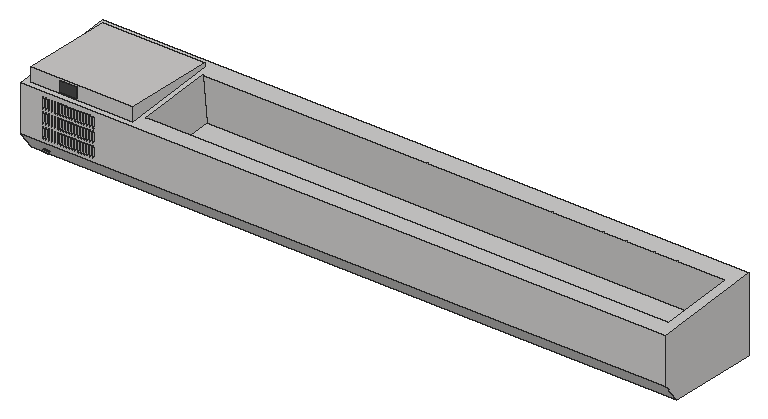
Revit family "QF_ELECTROLUXPROFESSIONAL_291213_ZVR2180H", category Specialty Equipment, Revit 2018
Family settings
  Round Connector Dimension = Use Diameter
  Part Type = Normal
  Work Plane-Based = No
  Always vertical = Yes
  Cut with Voids When Loaded = No
  Shared = No
  Room Calculation Point = No
Parameters (values of type "Standard")
  Weight = 48.00 kg
  Watts = 0 W
  Volts = 220 V
  URL Manufacturer = "http://professional.electrolux.com"
  URL = "http://professional.electrolux.com"
  Steam Supply Size = 0 mm
  Steam Supply Minimum Pressure = 0.0 Pa
  Steam Supply Maximum Pressure = 0.0 Pa
  Steam Pounds per Hour = 0
  Show Clearence [instance] = yes
  Refrigeration Suction Line Size = 0 mm
  Refrigeration Liquid Line Size = 0 mm
  Refrigerant Compressor Remote = yes
  Manufacturer = "Electrolux Professional"
  Phase = 1
  Model = "ZVR2180H"
  Length Actual = 2180 mm  # constant formula
  Item Number = "291213"
  Hot Water Size = 0 mm
  Height Actual = 250 mm  # constant formula
  HP = "0.3 HP"
  Gas Size = 0 mm
  Gas KW = 0
  Gas Input Pressure = 0 W
  Direct Waste Size = 0 mm
  Description = "BENCH TYPE REFRIGERATED SHOW CASE 2180MM R290"
  Depth Actual = 350 mm  # constant formula
  Cycle = 50 Hz
  Condensate Return Size = 0 mm
  Compressed Air Volume = 0.0 L/s
  Compressed Air Size = 0 mm
  Compressed Air Pressure = 0.0 Pa
  Cold Water Size = 0 mm
  Accessory = yes
Types (2, lengths in mm): name | URL | Manufacturer | Phase | Model | Description
  (no name) | 0 | 0 | 0 | 0 | 0
  Standard | "http://professional.electrolux.com" | "Electrolux Professional" | 1 | "ZVR2180H" | "BENCH TYPE REFRIGERATED SHOW CASE 2180MM R290"
Values of the unnamed type that differ from the named types
  Volts = 0 V
  URL Manufacturer = ""
  Item Number = ""
  Cycle = 0 Hz
Reference planes
  plane 1 "Front": y = 0
  plane 2: z = 0
  plane 3 "Centro (Sinistra/Destra)": x = 0
  plane 4 "LEFT": x = -870
  plane 5 "RIGHT": x = 870
  plane 6 "BACK": y = 350
  plane 7: z = 150
  plane 8: z = 800
  plane 9: z = 840
  plane 10: z = 1005
  plane 11 "Left": x = -890
  plane 12 "Right": x = 1290
  plane 13: y = -1005
  plane 14: z = 1266
  plane 15: z = 1255
  plane 16: y = 50
  plane 17: z = 1218
  plane 18: y = 324
  plane 19: y = 20
  plane 20: x = -527
  plane 21: x = -509
  plane 22: x = 1259
  plane 23: y = 314
  plane 24: x = -851
  plane 25: x = 1251
Forms (mm)
  Extrusion 1, solid, material "QF_Finishes_Stainless Steel"
    sketch origin (0, 0, 0) x (0, 1, 0) y (0, 0, 1)
      loop
        line (350, 1005) -> (350, 1255) -> (0, 1218) -> (0, 1064.588) -> (50, 1005) -> (350, 1005)
    from -890 to 1290
  Extrusion 2, void
    sketch origin (0, 349.805, 1254.979) x (0, 0.994459, 0.105128) y (1, 0, 0)
      loop
        line (-54.87, 1259) -> (-298.31, 1259) -> (-298.31, -509) -> (-54.87, -509) -> (-54.87, 1259)
    from 0 to 154
  Extrusion 3, solid, material "QF_Finishes_Stainless Steel"
    sketch origin (0, 0, 0) x (0, 1, 0) y (0, 0, 1)
      loop
        line (20, 1220.114) -> (324, 1252.251) -> (324, 1266) -> (20, 1266) -> (20, 1220.114)
    from -870 to -527
  Extrusion 4, solid, material "QF_Finishes_Stainless Steel"
    sketch origin (-41.117, 58.099, 995.348) x (0, -0.642788, 0.766044) y (-1, 0, 0)
      loop
        circle (32.613, 788.883) r 10
    from 0 to 5
  Extrusion 5, solid, material "QF_Finishes_Black"
    sketch origin (0, 20, 1220.114) x (0, 0, 1) y (-1, 0, 0)
      loop
        line (40.886, 769.5) -> (5.979, 769.5) -> (5.979, 714.5) -> (40.886, 714.5) -> (40.886, 769.5)
    from 0 to 2
  Extrusion 6, void
    sketch origin (0, 0, 1234.854) x (0, 0, 1) y (1, 0, 0)
      loop
        arc (-32.985, -814.899) -> (-29.86, -811.774) -> (-32.985, -808.649) r 3.125
        line (-32.985, -808.649) -> (-62.985, -808.649)
        arc (-62.985, -808.649) -> (-66.11, -811.774) -> (-62.985, -814.899) r 3.125
        line (-62.985, -814.899) -> (-32.985, -814.899)
      loop
        arc (-77.985, -814.899) -> (-74.86, -811.774) -> (-77.985, -808.649) r 3.125
        line (-77.985, -808.649) -> (-107.985, -808.649)
        arc (-107.985, -808.649) -> (-111.11, -811.774) -> (-107.985, -814.899) r 3.125
        line (-107.985, -814.899) -> (-77.985, -814.899)
      loop
        arc (-122.985, -814.899) -> (-119.86, -811.774) -> (-122.985, -808.649) r 3.125
        line (-122.985, -808.649) -> (-152.985, -808.649)
        arc (-152.985, -808.649) -> (-156.11, -811.774) -> (-152.985, -814.899) r 3.125
        line (-152.985, -814.899) -> (-122.985, -814.899)
      loop
        arc (-32.985, -804.899) -> (-29.86, -801.774) -> (-32.985, -798.649) r 3.125
        line (-32.985, -798.649) -> (-62.985, -798.649)
        arc (-62.985, -798.649) -> (-66.11, -801.774) -> (-62.985, -804.899) r 3.125
        line (-62.985, -804.899) -> (-32.985, -804.899)
      loop
        arc (-77.985, -804.899) -> (-74.86, -801.774) -> (-77.985, -798.649) r 3.125
        line (-77.985, -798.649) -> (-107.985, -798.649)
        arc (-107.985, -798.649) -> (-111.11, -801.774) -> (-107.985, -804.899) r 3.125
        line (-107.985, -804.899) -> (-77.985, -804.899)
      loop
        arc (-122.985, -804.899) -> (-119.86, -801.774) -> (-122.985, -798.649) r 3.125
        line (-122.985, -798.649) -> (-152.985, -798.649)
        arc (-152.985, -798.649) -> (-156.11, -801.774) -> (-152.985, -804.899) r 3.125
        line (-152.985, -804.899) -> (-122.985, -804.899)
      loop
        arc (-32.985, -794.899) -> (-29.86, -791.774) -> (-32.985, -788.649) r 3.125
        line (-32.985, -788.649) -> (-62.985, -788.649)
        arc (-62.985, -788.649) -> (-66.11, -791.774) -> (-62.985, -794.899) r 3.125
        line (-62.985, -794.899) -> (-32.985, -794.899)
      loop
        arc (-77.985, -794.899) -> (-74.86, -791.774) -> (-77.985, -788.649) r 3.125
        line (-77.985, -788.649) -> (-107.985, -788.649)
        arc (-107.985, -788.649) -> (-111.11, -791.774) -> (-107.985, -794.899) r 3.125
        line (-107.985, -794.899) -> (-77.985, -794.899)
      loop
        arc (-122.985, -794.899) -> (-119.86, -791.774) -> (-122.985, -788.649) r 3.125
        line (-122.985, -788.649) -> (-152.985, -788.649)
        arc (-152.985, -788.649) -> (-156.11, -791.774) -> (-152.985, -794.899) r 3.125
        line (-152.985, -794.899) -> (-122.985, -794.899)
      loop
        arc (-32.985, -784.899) -> (-29.86, -781.774) -> (-32.985, -778.649) r 3.125
        line (-32.985, -778.649) -> (-62.985, -778.649)
        arc (-62.985, -778.649) -> (-66.11, -781.774) -> (-62.985, -784.899) r 3.125
        line (-62.985, -784.899) -> (-32.985, -784.899)
      loop
        arc (-77.985, -784.899) -> (-74.86, -781.774) -> (-77.985, -778.649) r 3.125
        line (-77.985, -778.649) -> (-107.985, -778.649)
        arc (-107.985, -778.649) -> (-111.11, -781.774) -> (-107.985, -784.899) r 3.125
        line (-107.985, -784.899) -> (-77.985, -784.899)
      loop
        arc (-122.985, -784.899) -> (-119.86, -781.774) -> (-122.985, -778.649) r 3.125
        line (-122.985, -778.649) -> (-152.985, -778.649)
        arc (-152.985, -778.649) -> (-156.11, -781.774) -> (-152.985, -784.899) r 3.125
        line (-152.985, -784.899) -> (-122.985, -784.899)
      loop
        arc (-32.985, -774.899) -> (-29.86, -771.774) -> (-32.985, -768.649) r 3.125
        line (-32.985, -768.649) -> (-62.985, -768.649)
        arc (-62.985, -768.649) -> (-66.11, -771.774) -> (-62.985, -774.899) r 3.125
        line (-62.985, -774.899) -> (-32.985, -774.899)
      loop
        arc (-77.985, -774.899) -> (-74.86, -771.774) -> (-77.985, -768.649) r 3.125
        line (-77.985, -768.649) -> (-107.985, -768.649)
        arc (-107.985, -768.649) -> (-111.11, -771.774) -> (-107.985, -774.899) r 3.125
        line (-107.985, -774.899) -> (-77.985, -774.899)
      loop
        arc (-122.985, -774.899) -> (-119.86, -771.774) -> (-122.985, -768.649) r 3.125
        line (-122.985, -768.649) -> (-152.985, -768.649)
        arc (-152.985, -768.649) -> (-156.11, -771.774) -> (-152.985, -774.899) r 3.125
        line (-152.985, -774.899) -> (-122.985, -774.899)
      loop
        arc (-32.985, -764.899) -> (-29.86, -761.774) -> (-32.985, -758.649) r 3.125
        line (-32.985, -758.649) -> (-62.985, -758.649)
        arc (-62.985, -758.649) -> (-66.11, -761.774) -> (-62.985, -764.899) r 3.125
        line (-62.985, -764.899) -> (-32.985, -764.899)
      loop
        arc (-77.985, -764.899) -> (-74.86, -761.774) -> (-77.985, -758.649) r 3.125
        line (-77.985, -758.649) -> (-107.985, -758.649)
        arc (-107.985, -758.649) -> (-111.11, -761.774) -> (-107.985, -764.899) r 3.125
        line (-107.985, -764.899) -> (-77.985, -764.899)
      loop
        arc (-122.985, -764.899) -> (-119.86, -761.774) -> (-122.985, -758.649) r 3.125
        line (-122.985, -758.649) -> (-152.985, -758.649)
        arc (-152.985, -758.649) -> (-156.11, -761.774) -> (-152.985, -764.899) r 3.125
        line (-152.985, -764.899) -> (-122.985, -764.899)
      loop
        arc (-32.985, -754.899) -> (-29.86, -751.774) -> (-32.985, -748.649) r 3.125
        line (-32.985, -748.649) -> (-62.985, -748.649)
        arc (-62.985, -748.649) -> (-66.11, -751.774) -> (-62.985, -754.899) r 3.125
        line (-62.985, -754.899) -> (-32.985, -754.899)
      loop
        arc (-77.985, -754.899) -> (-74.86, -751.774) -> (-77.985, -748.649) r 3.125
        line (-77.985, -748.649) -> (-107.985, -748.649)
        arc (-107.985, -748.649) -> (-111.11, -751.774) -> (-107.985, -754.899) r 3.125
        line (-107.985, -754.899) -> (-77.985, -754.899)
      loop
        arc (-122.985, -754.899) -> (-119.86, -751.774) -> (-122.985, -748.649) r 3.125
        line (-122.985, -748.649) -> (-152.985, -748.649)
        arc (-152.985, -748.649) -> (-156.11, -751.774) -> (-152.985, -754.899) r 3.125
        line (-152.985, -754.899) -> (-122.985, -754.899)
      loop
        arc (-32.985, -744.899) -> (-29.86, -741.774) -> (-32.985, -738.649) r 3.125
        line (-32.985, -738.649) -> (-62.985, -738.649)
        arc (-62.985, -738.649) -> (-66.11, -741.774) -> (-62.985, -744.899) r 3.125
        line (-62.985, -744.899) -> (-32.985, -744.899)
      loop
        arc (-77.985, -744.899) -> (-74.86, -741.774) -> (-77.985, -738.649) r 3.125
        line (-77.985, -738.649) -> (-107.985, -738.649)
        arc (-107.985, -738.649) -> (-111.11, -741.774) -> (-107.985, -744.899) r 3.125
        line (-107.985, -744.899) -> (-77.985, -744.899)
      loop
        arc (-122.985, -744.899) -> (-119.86, -741.774) -> (-122.985, -738.649) r 3.125
        line (-122.985, -738.649) -> (-152.985, -738.649)
        arc (-152.985, -738.649) -> (-156.11, -741.774) -> (-152.985, -744.899) r 3.125
        line (-152.985, -744.899) -> (-122.985, -744.899)
      loop
        arc (-32.985, -734.899) -> (-29.86, -731.774) -> (-32.985, -728.649) r 3.125
        line (-32.985, -728.649) -> (-62.985, -728.649)
        arc (-62.985, -728.649) -> (-66.11, -731.774) -> (-62.985, -734.899) r 3.125
        line (-62.985, -734.899) -> (-32.985, -734.899)
      loop
        arc (-77.985, -734.899) -> (-74.86, -731.774) -> (-77.985, -728.649) r 3.125
        line (-77.985, -728.649) -> (-107.985, -728.649)
        arc (-107.985, -728.649) -> (-111.11, -731.774) -> (-107.985, -734.899) r 3.125
        line (-107.985, -734.899) -> (-77.985, -734.899)
      loop
        arc (-122.985, -734.899) -> (-119.86, -731.774) -> (-122.985, -728.649) r 3.125
        line (-122.985, -728.649) -> (-152.985, -728.649)
        arc (-152.985, -728.649) -> (-156.11, -731.774) -> (-152.985, -734.899) r 3.125
        line (-152.985, -734.899) -> (-122.985, -734.899)
      loop
        arc (-32.985, -724.899) -> (-29.86, -721.774) -> (-32.985, -718.649) r 3.125
        line (-32.985, -718.649) -> (-62.985, -718.649)
        arc (-62.985, -718.649) -> (-66.11, -721.774) -> (-62.985, -724.899) r 3.125
        line (-62.985, -724.899) -> (-32.985, -724.899)
      loop
        arc (-77.985, -724.899) -> (-74.86, -721.774) -> (-77.985, -718.649) r 3.125
        line (-77.985, -718.649) -> (-107.985, -718.649)
        arc (-107.985, -718.649) -> (-111.11, -721.774) -> (-107.985, -724.899) r 3.125
        line (-107.985, -724.899) -> (-77.985, -724.899)
      loop
        arc (-122.985, -724.899) -> (-119.86, -721.774) -> (-122.985, -718.649) r 3.125
        line (-122.985, -718.649) -> (-152.985, -718.649)
        arc (-152.985, -718.649) -> (-156.11, -721.774) -> (-152.985, -724.899) r 3.125
        line (-152.985, -724.899) -> (-122.985, -724.899)
      loop
        arc (-32.985, -714.899) -> (-29.86, -711.774) -> (-32.985, -708.649) r 3.125
        line (-32.985, -708.649) -> (-62.985, -708.649)
        arc (-62.985, -708.649) -> (-66.11, -711.774) -> (-62.985, -714.899) r 3.125
        line (-62.985, -714.899) -> (-32.985, -714.899)
      loop
        arc (-77.985, -714.899) -> (-74.86, -711.774) -> (-77.985, -708.649) r 3.125
        line (-77.985, -708.649) -> (-107.985, -708.649)
        arc (-107.985, -708.649) -> (-111.11, -711.774) -> (-107.985, -714.899) r 3.125
        line (-107.985, -714.899) -> (-77.985, -714.899)
      loop
        arc (-122.985, -714.899) -> (-119.86, -711.774) -> (-122.985, -708.649) r 3.125
        line (-122.985, -708.649) -> (-152.985, -708.649)
        arc (-152.985, -708.649) -> (-156.11, -711.774) -> (-152.985, -714.899) r 3.125
        line (-152.985, -714.899) -> (-122.985, -714.899)
      loop
        arc (-32.985, -704.899) -> (-29.86, -701.774) -> (-32.985, -698.649) r 3.125
        line (-32.985, -698.649) -> (-62.985, -698.649)
        arc (-62.985, -698.649) -> (-66.11, -701.774) -> (-62.985, -704.899) r 3.125
        line (-62.985, -704.899) -> (-32.985, -704.899)
      loop
        arc (-77.985, -704.899) -> (-74.86, -701.774) -> (-77.985, -698.649) r 3.125
        line (-77.985, -698.649) -> (-107.985, -698.649)
        arc (-107.985, -698.649) -> (-111.11, -701.774) -> (-107.985, -704.899) r 3.125
        line (-107.985, -704.899) -> (-77.985, -704.899)
      loop
        arc (-122.985, -704.899) -> (-119.86, -701.774) -> (-122.985, -698.649) r 3.125
        line (-122.985, -698.649) -> (-152.985, -698.649)
        arc (-152.985, -698.649) -> (-156.11, -701.774) -> (-152.985, -704.899) r 3.125
        line (-152.985, -704.899) -> (-122.985, -704.899)
      loop
        arc (-32.985, -694.899) -> (-29.86, -691.774) -> (-32.985, -688.649) r 3.125
        line (-32.985, -688.649) -> (-62.985, -688.649)
        arc (-62.985, -688.649) -> (-66.11, -691.774) -> (-62.985, -694.899) r 3.125
        line (-62.985, -694.899) -> (-32.985, -694.899)
      loop
        arc (-77.985, -694.899) -> (-74.86, -691.774) -> (-77.985, -688.649) r 3.125
        line (-77.985, -688.649) -> (-107.985, -688.649)
        arc (-107.985, -688.649) -> (-111.11, -691.774) -> (-107.985, -694.899) r 3.125
        line (-107.985, -694.899) -> (-77.985, -694.899)
      loop
        arc (-122.985, -694.899) -> (-119.86, -691.774) -> (-122.985, -688.649) r 3.125
        line (-122.985, -688.649) -> (-152.985, -688.649)
        arc (-152.985, -688.649) -> (-156.11, -691.774) -> (-152.985, -694.899) r 3.125
        line (-152.985, -694.899) -> (-122.985, -694.899)
      loop
        arc (-32.985, -684.899) -> (-29.86, -681.774) -> (-32.985, -678.649) r 3.125
        line (-32.985, -678.649) -> (-62.985, -678.649)
        arc (-62.985, -678.649) -> (-66.11, -681.774) -> (-62.985, -684.899) r 3.125
        line (-62.985, -684.899) -> (-32.985, -684.899)
      loop
        arc (-77.985, -684.899) -> (-74.86, -681.774) -> (-77.985, -678.649) r 3.125
        line (-77.985, -678.649) -> (-107.985, -678.649)
        arc (-107.985, -678.649) -> (-111.11, -681.774) -> (-107.985, -684.899) r 3.125
        line (-107.985, -684.899) -> (-77.985, -684.899)
      loop
        arc (-122.985, -684.899) -> (-119.86, -681.774) -> (-122.985, -678.649) r 3.125
        line (-122.985, -678.649) -> (-152.985, -678.649)
        arc (-152.985, -678.649) -> (-156.11, -681.774) -> (-152.985, -684.899) r 3.125
        line (-152.985, -684.899) -> (-122.985, -684.899)
      loop
        arc (-32.985, -674.899) -> (-29.86, -671.774) -> (-32.985, -668.649) r 3.125
        line (-32.985, -668.649) -> (-62.985, -668.649)
        arc (-62.985, -668.649) -> (-66.11, -671.774) -> (-62.985, -674.899) r 3.125
        line (-62.985, -674.899) -> (-32.985, -674.899)
      loop
        arc (-77.985, -674.899) -> (-74.86, -671.774) -> (-77.985, -668.649) r 3.125
        line (-77.985, -668.649) -> (-107.985, -668.649)
        arc (-107.985, -668.649) -> (-111.11, -671.774) -> (-107.985, -674.899) r 3.125
        line (-107.985, -674.899) -> (-77.985, -674.899)
      loop
        arc (-122.985, -674.899) -> (-119.86, -671.774) -> (-122.985, -668.649) r 3.125
        line (-122.985, -668.649) -> (-152.985, -668.649)
        arc (-152.985, -668.649) -> (-156.11, -671.774) -> (-152.985, -674.899) r 3.125
        line (-152.985, -674.899) -> (-122.985, -674.899)
      loop
        arc (-32.985, -664.899) -> (-29.86, -661.774) -> (-32.985, -658.649) r 3.125
        line (-32.985, -658.649) -> (-62.985, -658.649)
        arc (-62.985, -658.649) -> (-66.11, -661.774) -> (-62.985, -664.899) r 3.125
        line (-62.985, -664.899) -> (-32.985, -664.899)
      loop
        arc (-77.985, -664.899) -> (-74.86, -661.774) -> (-77.985, -658.649) r 3.125
        line (-77.985, -658.649) -> (-107.985, -658.649)
        arc (-107.985, -658.649) -> (-111.11, -661.774) -> (-107.985, -664.899) r 3.125
        line (-107.985, -664.899) -> (-77.985, -664.899)
      loop
        arc (-122.985, -664.899) -> (-119.86, -661.774) -> (-122.985, -658.649) r 3.125
        line (-122.985, -658.649) -> (-152.985, -658.649)
        arc (-152.985, -658.649) -> (-156.11, -661.774) -> (-152.985, -664.899) r 3.125
        line (-152.985, -664.899) -> (-122.985, -664.899)
      loop
        arc (-32.985, -654.899) -> (-29.86, -651.774) -> (-32.985, -648.649) r 3.125
        line (-32.985, -648.649) -> (-62.985, -648.649)
        arc (-62.985, -648.649) -> (-66.11, -651.774) -> (-62.985, -654.899) r 3.125
        line (-62.985, -654.899) -> (-32.985, -654.899)
      loop
        arc (-77.985, -654.899) -> (-74.86, -651.774) -> (-77.985, -648.649) r 3.125
        line (-77.985, -648.649) -> (-107.985, -648.649)
        arc (-107.985, -648.649) -> (-111.11, -651.774) -> (-107.985, -654.899) r 3.125
        line (-107.985, -654.899) -> (-77.985, -654.899)
      loop
        arc (-122.985, -654.899) -> (-119.86, -651.774) -> (-122.985, -648.649) r 3.125
        line (-122.985, -648.649) -> (-152.985, -648.649)
        arc (-152.985, -648.649) -> (-156.11, -651.774) -> (-152.985, -654.899) r 3.125
        line (-152.985, -654.899) -> (-122.985, -654.899)
      loop
        arc (-32.985, -644.899) -> (-29.86, -641.774) -> (-32.985, -638.649) r 3.125
        line (-32.985, -638.649) -> (-62.985, -638.649)
        arc (-62.985, -638.649) -> (-66.11, -641.774) -> (-62.985, -644.899) r 3.125
        line (-62.985, -644.899) -> (-32.985, -644.899)
      loop
        arc (-77.985, -644.899) -> (-74.86, -641.774) -> (-77.985, -638.649) r 3.125
        line (-77.985, -638.649) -> (-107.985, -638.649)
        arc (-107.985, -638.649) -> (-111.11, -641.774) -> (-107.985, -644.899) r 3.125
        line (-107.985, -644.899) -> (-77.985, -644.899)
      loop
        arc (-122.985, -644.899) -> (-119.86, -641.774) -> (-122.985, -638.649) r 3.125
        line (-122.985, -638.649) -> (-152.985, -638.649)
        arc (-152.985, -638.649) -> (-156.11, -641.774) -> (-152.985, -644.899) r 3.125
        line (-152.985, -644.899) -> (-122.985, -644.899)
    from 0 to 5
  Extrusion 7, void
    sketch origin (-890, -490.899, 1244.854) x (0, 0, 1) y (0, -1, 0)
      loop
        arc (-22.985, -814.899) -> (-19.86, -811.774) -> (-22.985, -808.649) r 3.125
        line (-22.985, -808.649) -> (-52.985, -808.649)
        arc (-52.985, -808.649) -> (-56.11, -811.774) -> (-52.985, -814.899) r 3.125
        line (-52.985, -814.899) -> (-22.985, -814.899)
      loop
        arc (-67.985, -814.899) -> (-64.86, -811.774) -> (-67.985, -808.649) r 3.125
        line (-67.985, -808.649) -> (-97.985, -808.649)
        arc (-97.985, -808.649) -> (-101.11, -811.774) -> (-97.985, -814.899) r 3.125
        line (-97.985, -814.899) -> (-67.985, -814.899)
      loop
        arc (-112.985, -814.899) -> (-109.86, -811.774) -> (-112.985, -808.649) r 3.125
        line (-112.985, -808.649) -> (-142.985, -808.649)
        arc (-142.985, -808.649) -> (-146.11, -811.774) -> (-142.985, -814.899) r 3.125
        line (-142.985, -814.899) -> (-112.985, -814.899)
      loop
        arc (-22.985, -804.899) -> (-19.86, -801.774) -> (-22.985, -798.649) r 3.125
        line (-22.985, -798.649) -> (-52.985, -798.649)
        arc (-52.985, -798.649) -> (-56.11, -801.774) -> (-52.985, -804.899) r 3.125
        line (-52.985, -804.899) -> (-22.985, -804.899)
      loop
        arc (-67.985, -804.899) -> (-64.86, -801.774) -> (-67.985, -798.649) r 3.125
        line (-67.985, -798.649) -> (-97.985, -798.649)
        arc (-97.985, -798.649) -> (-101.11, -801.774) -> (-97.985, -804.899) r 3.125
        line (-97.985, -804.899) -> (-67.985, -804.899)
      loop
        arc (-112.985, -804.899) -> (-109.86, -801.774) -> (-112.985, -798.649) r 3.125
        line (-112.985, -798.649) -> (-142.985, -798.649)
        arc (-142.985, -798.649) -> (-146.11, -801.774) -> (-142.985, -804.899) r 3.125
        line (-142.985, -804.899) -> (-112.985, -804.899)
      loop
        arc (-22.985, -794.899) -> (-19.86, -791.774) -> (-22.985, -788.649) r 3.125
        line (-22.985, -788.649) -> (-52.985, -788.649)
        arc (-52.985, -788.649) -> (-56.11, -791.774) -> (-52.985, -794.899) r 3.125
        line (-52.985, -794.899) -> (-22.985, -794.899)
      loop
        arc (-67.985, -794.899) -> (-64.86, -791.774) -> (-67.985, -788.649) r 3.125
        line (-67.985, -788.649) -> (-97.985, -788.649)
        arc (-97.985, -788.649) -> (-101.11, -791.774) -> (-97.985, -794.899) r 3.125
        line (-97.985, -794.899) -> (-67.985, -794.899)
      loop
        arc (-112.985, -794.899) -> (-109.86, -791.774) -> (-112.985, -788.649) r 3.125
        line (-112.985, -788.649) -> (-142.985, -788.649)
        arc (-142.985, -788.649) -> (-146.11, -791.774) -> (-142.985, -794.899) r 3.125
        line (-142.985, -794.899) -> (-112.985, -794.899)
      loop
        arc (-22.985, -784.899) -> (-19.86, -781.774) -> (-22.985, -778.649) r 3.125
        line (-22.985, -778.649) -> (-52.985, -778.649)
        arc (-52.985, -778.649) -> (-56.11, -781.774) -> (-52.985, -784.899) r 3.125
        line (-52.985, -784.899) -> (-22.985, -784.899)
      loop
        arc (-67.985, -784.899) -> (-64.86, -781.774) -> (-67.985, -778.649) r 3.125
        line (-67.985, -778.649) -> (-97.985, -778.649)
        arc (-97.985, -778.649) -> (-101.11, -781.774) -> (-97.985, -784.899) r 3.125
        line (-97.985, -784.899) -> (-67.985, -784.899)
      loop
        arc (-112.985, -784.899) -> (-109.86, -781.774) -> (-112.985, -778.649) r 3.125
        line (-112.985, -778.649) -> (-142.985, -778.649)
        arc (-142.985, -778.649) -> (-146.11, -781.774) -> (-142.985, -784.899) r 3.125
        line (-142.985, -784.899) -> (-112.985, -784.899)
      loop
        arc (-22.985, -774.899) -> (-19.86, -771.774) -> (-22.985, -768.649) r 3.125
        line (-22.985, -768.649) -> (-52.985, -768.649)
        arc (-52.985, -768.649) -> (-56.11, -771.774) -> (-52.985, -774.899) r 3.125
        line (-52.985, -774.899) -> (-22.985, -774.899)
      loop
        arc (-67.985, -774.899) -> (-64.86, -771.774) -> (-67.985, -768.649) r 3.125
        line (-67.985, -768.649) -> (-97.985, -768.649)
        arc (-97.985, -768.649) -> (-101.11, -771.774) -> (-97.985, -774.899) r 3.125
        line (-97.985, -774.899) -> (-67.985, -774.899)
      loop
        arc (-112.985, -774.899) -> (-109.86, -771.774) -> (-112.985, -768.649) r 3.125
        line (-112.985, -768.649) -> (-142.985, -768.649)
        arc (-142.985, -768.649) -> (-146.11, -771.774) -> (-142.985, -774.899) r 3.125
        line (-142.985, -774.899) -> (-112.985, -774.899)
      loop
        arc (-67.985, -764.899) -> (-64.86, -761.774) -> (-67.985, -758.649) r 3.125
        line (-67.985, -758.649) -> (-97.985, -758.649)
        arc (-97.985, -758.649) -> (-101.11, -761.774) -> (-97.985, -764.899) r 3.125
        line (-97.985, -764.899) -> (-67.985, -764.899)
      loop
        arc (-112.985, -764.899) -> (-109.86, -761.774) -> (-112.985, -758.649) r 3.125
        line (-112.985, -758.649) -> (-142.985, -758.649)
        arc (-142.985, -758.649) -> (-146.11, -761.774) -> (-142.985, -764.899) r 3.125
        line (-142.985, -764.899) -> (-112.985, -764.899)
      loop
        arc (-22.985, -754.899) -> (-19.86, -751.774) -> (-22.985, -748.649) r 3.125
        line (-22.985, -748.649) -> (-52.985, -748.649)
        arc (-52.985, -748.649) -> (-56.11, -751.774) -> (-52.985, -754.899) r 3.125
        line (-52.985, -754.899) -> (-22.985, -754.899)
      loop
        arc (-67.985, -754.899) -> (-64.86, -751.774) -> (-67.985, -748.649) r 3.125
        line (-67.985, -748.649) -> (-97.985, -748.649)
        arc (-97.985, -748.649) -> (-101.11, -751.774) -> (-97.985, -754.899) r 3.125
        line (-97.985, -754.899) -> (-67.985, -754.899)
      loop
        arc (-112.985, -754.899) -> (-109.86, -751.774) -> (-112.985, -748.649) r 3.125
        line (-112.985, -748.649) -> (-142.985, -748.649)
        arc (-142.985, -748.649) -> (-146.11, -751.774) -> (-142.985, -754.899) r 3.125
        line (-142.985, -754.899) -> (-112.985, -754.899)
      loop
        arc (-22.985, -744.899) -> (-19.86, -741.774) -> (-22.985, -738.649) r 3.125
        line (-22.985, -738.649) -> (-52.985, -738.649)
        arc (-52.985, -738.649) -> (-56.11, -741.774) -> (-52.985, -744.899) r 3.125
        line (-52.985, -744.899) -> (-22.985, -744.899)
      loop
        arc (-67.985, -744.899) -> (-64.86, -741.774) -> (-67.985, -738.649) r 3.125
        line (-67.985, -738.649) -> (-97.985, -738.649)
        arc (-97.985, -738.649) -> (-101.11, -741.774) -> (-97.985, -744.899) r 3.125
        line (-97.985, -744.899) -> (-67.985, -744.899)
      loop
        arc (-112.985, -744.899) -> (-109.86, -741.774) -> (-112.985, -738.649) r 3.125
        line (-112.985, -738.649) -> (-142.985, -738.649)
        arc (-142.985, -738.649) -> (-146.11, -741.774) -> (-142.985, -744.899) r 3.125
        line (-142.985, -744.899) -> (-112.985, -744.899)
      loop
        arc (-22.985, -734.899) -> (-19.86, -731.774) -> (-22.985, -728.649) r 3.125
        line (-22.985, -728.649) -> (-52.985, -728.649)
        arc (-52.985, -728.649) -> (-56.11, -731.774) -> (-52.985, -734.899) r 3.125
        line (-52.985, -734.899) -> (-22.985, -734.899)
      loop
        arc (-67.985, -734.899) -> (-64.86, -731.774) -> (-67.985, -728.649) r 3.125
        line (-67.985, -728.649) -> (-97.985, -728.649)
        arc (-97.985, -728.649) -> (-101.11, -731.774) -> (-97.985, -734.899) r 3.125
        line (-97.985, -734.899) -> (-67.985, -734.899)
      loop
        arc (-112.985, -734.899) -> (-109.86, -731.774) -> (-112.985, -728.649) r 3.125
        line (-112.985, -728.649) -> (-142.985, -728.649)
        arc (-142.985, -728.649) -> (-146.11, -731.774) -> (-142.985, -734.899) r 3.125
        line (-142.985, -734.899) -> (-112.985, -734.899)
      loop
        arc (-22.985, -724.899) -> (-19.86, -721.774) -> (-22.985, -718.649) r 3.125
        line (-22.985, -718.649) -> (-52.985, -718.649)
        arc (-52.985, -718.649) -> (-56.11, -721.774) -> (-52.985, -724.899) r 3.125
        line (-52.985, -724.899) -> (-22.985, -724.899)
      loop
        arc (-67.985, -724.899) -> (-64.86, -721.774) -> (-67.985, -718.649) r 3.125
        line (-67.985, -718.649) -> (-97.985, -718.649)
        arc (-97.985, -718.649) -> (-101.11, -721.774) -> (-97.985, -724.899) r 3.125
        line (-97.985, -724.899) -> (-67.985, -724.899)
      loop
        arc (-112.985, -724.899) -> (-109.86, -721.774) -> (-112.985, -718.649) r 3.125
        line (-112.985, -718.649) -> (-142.985, -718.649)
        arc (-142.985, -718.649) -> (-146.11, -721.774) -> (-142.985, -724.899) r 3.125
        line (-142.985, -724.899) -> (-112.985, -724.899)
      loop
        arc (-22.985, -714.899) -> (-19.86, -711.774) -> (-22.985, -708.649) r 3.125
        line (-22.985, -708.649) -> (-52.985, -708.649)
        arc (-52.985, -708.649) -> (-56.11, -711.774) -> (-52.985, -714.899) r 3.125
        line (-52.985, -714.899) -> (-22.985, -714.899)
      loop
        arc (-67.985, -714.899) -> (-64.86, -711.774) -> (-67.985, -708.649) r 3.125
        line (-67.985, -708.649) -> (-97.985, -708.649)
        arc (-97.985, -708.649) -> (-101.11, -711.774) -> (-97.985, -714.899) r 3.125
        line (-97.985, -714.899) -> (-67.985, -714.899)
      loop
        arc (-112.985, -714.899) -> (-109.86, -711.774) -> (-112.985, -708.649) r 3.125
        line (-112.985, -708.649) -> (-142.985, -708.649)
        arc (-142.985, -708.649) -> (-146.11, -711.774) -> (-142.985, -714.899) r 3.125
        line (-142.985, -714.899) -> (-112.985, -714.899)
      loop
        arc (-22.985, -704.899) -> (-19.86, -701.774) -> (-22.985, -698.649) r 3.125
        line (-22.985, -698.649) -> (-52.985, -698.649)
        arc (-52.985, -698.649) -> (-56.11, -701.774) -> (-52.985, -704.899) r 3.125
        line (-52.985, -704.899) -> (-22.985, -704.899)
      loop
        arc (-67.985, -704.899) -> (-64.86, -701.774) -> (-67.985, -698.649) r 3.125
        line (-67.985, -698.649) -> (-97.985, -698.649)
        arc (-97.985, -698.649) -> (-101.11, -701.774) -> (-97.985, -704.899) r 3.125
        line (-97.985, -704.899) -> (-67.985, -704.899)
      loop
        arc (-112.985, -704.899) -> (-109.86, -701.774) -> (-112.985, -698.649) r 3.125
        line (-112.985, -698.649) -> (-142.985, -698.649)
        arc (-142.985, -698.649) -> (-146.11, -701.774) -> (-142.985, -704.899) r 3.125
        line (-142.985, -704.899) -> (-112.985, -704.899)
      loop
        arc (-22.985, -694.899) -> (-19.86, -691.774) -> (-22.985, -688.649) r 3.125
        line (-22.985, -688.649) -> (-52.985, -688.649)
        arc (-52.985, -688.649) -> (-56.11, -691.774) -> (-52.985, -694.899) r 3.125
        line (-52.985, -694.899) -> (-22.985, -694.899)
      loop
        arc (-67.985, -694.899) -> (-64.86, -691.774) -> (-67.985, -688.649) r 3.125
        line (-67.985, -688.649) -> (-97.985, -688.649)
        arc (-97.985, -688.649) -> (-101.11, -691.774) -> (-97.985, -694.899) r 3.125
        line (-97.985, -694.899) -> (-67.985, -694.899)
      loop
        arc (-112.985, -694.899) -> (-109.86, -691.774) -> (-112.985, -688.649) r 3.125
        line (-112.985, -688.649) -> (-142.985, -688.649)
        arc (-142.985, -688.649) -> (-146.11, -691.774) -> (-142.985, -694.899) r 3.125
        line (-142.985, -694.899) -> (-112.985, -694.899)
      loop
        arc (-22.985, -684.899) -> (-19.86, -681.774) -> (-22.985, -678.649) r 3.125
        line (-22.985, -678.649) -> (-52.985, -678.649)
        arc (-52.985, -678.649) -> (-56.11, -681.774) -> (-52.985, -684.899) r 3.125
        line (-52.985, -684.899) -> (-22.985, -684.899)
      loop
        arc (-67.985, -684.899) -> (-64.86, -681.774) -> (-67.985, -678.649) r 3.125
        line (-67.985, -678.649) -> (-97.985, -678.649)
        arc (-97.985, -678.649) -> (-101.11, -681.774) -> (-97.985, -684.899) r 3.125
        line (-97.985, -684.899) -> (-67.985, -684.899)
      loop
        arc (-112.985, -684.899) -> (-109.86, -681.774) -> (-112.985, -678.649) r 3.125
        line (-112.985, -678.649) -> (-142.985, -678.649)
        arc (-142.985, -678.649) -> (-146.11, -681.774) -> (-142.985, -684.899) r 3.125
        line (-142.985, -684.899) -> (-112.985, -684.899)
      loop
        arc (-22.985, -674.899) -> (-19.86, -671.774) -> (-22.985, -668.649) r 3.125
        line (-22.985, -668.649) -> (-52.985, -668.649)
        arc (-52.985, -668.649) -> (-56.11, -671.774) -> (-52.985, -674.899) r 3.125
        line (-52.985, -674.899) -> (-22.985, -674.899)
      loop
        arc (-67.985, -674.899) -> (-64.86, -671.774) -> (-67.985, -668.649) r 3.125
        line (-67.985, -668.649) -> (-97.985, -668.649)
        arc (-97.985, -668.649) -> (-101.11, -671.774) -> (-97.985, -674.899) r 3.125
        line (-97.985, -674.899) -> (-67.985, -674.899)
      loop
        arc (-112.985, -674.899) -> (-109.86, -671.774) -> (-112.985, -668.649) r 3.125
        line (-112.985, -668.649) -> (-142.985, -668.649)
        arc (-142.985, -668.649) -> (-146.11, -671.774) -> (-142.985, -674.899) r 3.125
        line (-142.985, -674.899) -> (-112.985, -674.899)
      loop
        arc (-22.985, -664.899) -> (-19.86, -661.774) -> (-22.985, -658.649) r 3.125
        line (-22.985, -658.649) -> (-52.985, -658.649)
        arc (-52.985, -658.649) -> (-56.11, -661.774) -> (-52.985, -664.899) r 3.125
        line (-52.985, -664.899) -> (-22.985, -664.899)
      loop
        arc (-67.985, -664.899) -> (-64.86, -661.774) -> (-67.985, -658.649) r 3.125
        line (-67.985, -658.649) -> (-97.985, -658.649)
        arc (-97.985, -658.649) -> (-101.11, -661.774) -> (-97.985, -664.899) r 3.125
        line (-97.985, -664.899) -> (-67.985, -664.899)
      loop
        arc (-112.985, -664.899) -> (-109.86, -661.774) -> (-112.985, -658.649) r 3.125
        line (-112.985, -658.649) -> (-142.985, -658.649)
        arc (-142.985, -658.649) -> (-146.11, -661.774) -> (-142.985, -664.899) r 3.125
        line (-142.985, -664.899) -> (-112.985, -664.899)
      loop
        arc (-22.985, -654.899) -> (-19.86, -651.774) -> (-22.985, -648.649) r 3.125
        line (-22.985, -648.649) -> (-52.985, -648.649)
        arc (-52.985, -648.649) -> (-56.11, -651.774) -> (-52.985, -654.899) r 3.125
        line (-52.985, -654.899) -> (-22.985, -654.899)
      loop
        arc (-67.985, -654.899) -> (-64.86, -651.774) -> (-67.985, -648.649) r 3.125
        line (-67.985, -648.649) -> (-97.985, -648.649)
        arc (-97.985, -648.649) -> (-101.11, -651.774) -> (-97.985, -654.899) r 3.125
        line (-97.985, -654.899) -> (-67.985, -654.899)
      loop
        arc (-112.985, -654.899) -> (-109.86, -651.774) -> (-112.985, -648.649) r 3.125
        line (-112.985, -648.649) -> (-142.985, -648.649)
        arc (-142.985, -648.649) -> (-146.11, -651.774) -> (-142.985, -654.899) r 3.125
        line (-142.985, -654.899) -> (-112.985, -654.899)
      loop
        arc (-22.985, -644.899) -> (-19.86, -641.774) -> (-22.985, -638.649) r 3.125
        line (-22.985, -638.649) -> (-52.985, -638.649)
        arc (-52.985, -638.649) -> (-56.11, -641.774) -> (-52.985, -644.899) r 3.125
        line (-52.985, -644.899) -> (-22.985, -644.899)
      loop
        arc (-67.985, -644.899) -> (-64.86, -641.774) -> (-67.985, -638.649) r 3.125
        line (-67.985, -638.649) -> (-97.985, -638.649)
        arc (-97.985, -638.649) -> (-101.11, -641.774) -> (-97.985, -644.899) r 3.125
        line (-97.985, -644.899) -> (-67.985, -644.899)
      loop
        arc (-112.985, -644.899) -> (-109.86, -641.774) -> (-112.985, -638.649) r 3.125
        line (-112.985, -638.649) -> (-142.985, -638.649)
        arc (-142.985, -638.649) -> (-146.11, -641.774) -> (-142.985, -644.899) r 3.125
        line (-142.985, -644.899) -> (-112.985, -644.899)
      loop
        arc (-22.985, -764.899) -> (-19.86, -761.774) -> (-22.985, -758.649) r 3.125
        line (-22.985, -758.649) -> (-52.985, -758.649)
        arc (-52.985, -758.649) -> (-56.11, -761.774) -> (-52.985, -764.899) r 3.125
        line (-52.985, -764.899) -> (-22.985, -764.899)
      loop
        arc (-157.985, -814.899) -> (-154.86, -811.774) -> (-157.985, -808.649) r 3.125
        line (-157.985, -808.649) -> (-187.985, -808.649)
        arc (-187.985, -808.649) -> (-191.11, -811.774) -> (-187.985, -814.899) r 3.125
        line (-187.985, -814.899) -> (-157.985, -814.899)
      loop
        arc (-202.985, -814.899) -> (-199.86, -811.774) -> (-202.985, -808.649) r 3.125
        line (-202.985, -808.649) -> (-232.985, -808.649)
        arc (-232.985, -808.649) -> (-236.11, -811.774) -> (-232.985, -814.899) r 3.125
        line (-232.985, -814.899) -> (-202.985, -814.899)
      loop
        arc (-157.985, -804.899) -> (-154.86, -801.774) -> (-157.985, -798.649) r 3.125
        line (-157.985, -798.649) -> (-187.985, -798.649)
        arc (-187.985, -798.649) -> (-191.11, -801.774) -> (-187.985, -804.899) r 3.125
        line (-187.985, -804.899) -> (-157.985, -804.899)
      loop
        arc (-202.985, -804.899) -> (-199.86, -801.774) -> (-202.985, -798.649) r 3.125
        line (-202.985, -798.649) -> (-232.985, -798.649)
        arc (-232.985, -798.649) -> (-236.11, -801.774) -> (-232.985, -804.899) r 3.125
        line (-232.985, -804.899) -> (-202.985, -804.899)
      loop
        arc (-157.985, -794.899) -> (-154.86, -791.774) -> (-157.985, -788.649) r 3.125
        line (-157.985, -788.649) -> (-187.985, -788.649)
        arc (-187.985, -788.649) -> (-191.11, -791.774) -> (-187.985, -794.899) r 3.125
        line (-187.985, -794.899) -> (-157.985, -794.899)
      loop
        arc (-202.985, -794.899) -> (-199.86, -791.774) -> (-202.985, -788.649) r 3.125
        line (-202.985, -788.649) -> (-232.985, -788.649)
        arc (-232.985, -788.649) -> (-236.11, -791.774) -> (-232.985, -794.899) r 3.125
        line (-232.985, -794.899) -> (-202.985, -794.899)
      loop
        arc (-157.985, -784.899) -> (-154.86, -781.774) -> (-157.985, -778.649) r 3.125
        line (-157.985, -778.649) -> (-187.985, -778.649)
        arc (-187.985, -778.649) -> (-191.11, -781.774) -> (-187.985, -784.899) r 3.125
        line (-187.985, -784.899) -> (-157.985, -784.899)
      loop
        arc (-202.985, -784.899) -> (-199.86, -781.774) -> (-202.985, -778.649) r 3.125
        line (-202.985, -778.649) -> (-232.985, -778.649)
        arc (-232.985, -778.649) -> (-236.11, -781.774) -> (-232.985, -784.899) r 3.125
        line (-232.985, -784.899) -> (-202.985, -784.899)
      loop
        arc (-157.985, -774.899) -> (-154.86, -771.774) -> (-157.985, -768.649) r 3.125
        line (-157.985, -768.649) -> (-187.985, -768.649)
        arc (-187.985, -768.649) -> (-191.11, -771.774) -> (-187.985, -774.899) r 3.125
        line (-187.985, -774.899) -> (-157.985, -774.899)
      loop
        arc (-202.985, -774.899) -> (-199.86, -771.774) -> (-202.985, -768.649) r 3.125
        line (-202.985, -768.649) -> (-232.985, -768.649)
        arc (-232.985, -768.649) -> (-236.11, -771.774) -> (-232.985, -774.899) r 3.125
        line (-232.985, -774.899) -> (-202.985, -774.899)
      loop
        arc (-157.985, -764.899) -> (-154.86, -761.774) -> (-157.985, -758.649) r 3.125
        line (-157.985, -758.649) -> (-187.985, -758.649)
        arc (-187.985, -758.649) -> (-191.11, -761.774) -> (-187.985, -764.899) r 3.125
        line (-187.985, -764.899) -> (-157.985, -764.899)
      loop
        arc (-202.985, -764.899) -> (-199.86, -761.774) -> (-202.985, -758.649) r 3.125
        line (-202.985, -758.649) -> (-232.985, -758.649)
        arc (-232.985, -758.649) -> (-236.11, -761.774) -> (-232.985, -764.899) r 3.125
        line (-232.985, -764.899) -> (-202.985, -764.899)
      loop
        arc (-157.985, -754.899) -> (-154.86, -751.774) -> (-157.985, -748.649) r 3.125
        line (-157.985, -748.649) -> (-187.985, -748.649)
        arc (-187.985, -748.649) -> (-191.11, -751.774) -> (-187.985, -754.899) r 3.125
        line (-187.985, -754.899) -> (-157.985, -754.899)
      loop
        arc (-202.985, -754.899) -> (-199.86, -751.774) -> (-202.985, -748.649) r 3.125
        line (-202.985, -748.649) -> (-232.985, -748.649)
        arc (-232.985, -748.649) -> (-236.11, -751.774) -> (-232.985, -754.899) r 3.125
        line (-232.985, -754.899) -> (-202.985, -754.899)
      loop
        arc (-157.985, -744.899) -> (-154.86, -741.774) -> (-157.985, -738.649) r 3.125
        line (-157.985, -738.649) -> (-187.985, -738.649)
        arc (-187.985, -738.649) -> (-191.11, -741.774) -> (-187.985, -744.899) r 3.125
        line (-187.985, -744.899) -> (-157.985, -744.899)
      loop
        arc (-202.985, -744.899) -> (-199.86, -741.774) -> (-202.985, -738.649) r 3.125
        line (-202.985, -738.649) -> (-232.985, -738.649)
        arc (-232.985, -738.649) -> (-236.11, -741.774) -> (-232.985, -744.899) r 3.125
        line (-232.985, -744.899) -> (-202.985, -744.899)
      loop
        arc (-157.985, -734.899) -> (-154.86, -731.774) -> (-157.985, -728.649) r 3.125
        line (-157.985, -728.649) -> (-187.985, -728.649)
        arc (-187.985, -728.649) -> (-191.11, -731.774) -> (-187.985, -734.899) r 3.125
        line (-187.985, -734.899) -> (-157.985, -734.899)
      loop
        arc (-202.985, -734.899) -> (-199.86, -731.774) -> (-202.985, -728.649) r 3.125
        line (-202.985, -728.649) -> (-232.985, -728.649)
        arc (-232.985, -728.649) -> (-236.11, -731.774) -> (-232.985, -734.899) r 3.125
        line (-232.985, -734.899) -> (-202.985, -734.899)
      loop
        arc (-157.985, -724.899) -> (-154.86, -721.774) -> (-157.985, -718.649) r 3.125
        line (-157.985, -718.649) -> (-187.985, -718.649)
        arc (-187.985, -718.649) -> (-191.11, -721.774) -> (-187.985, -724.899) r 3.125
        line (-187.985, -724.899) -> (-157.985, -724.899)
      loop
        arc (-202.985, -724.899) -> (-199.86, -721.774) -> (-202.985, -718.649) r 3.125
        line (-202.985, -718.649) -> (-232.985, -718.649)
        arc (-232.985, -718.649) -> (-236.11, -721.774) -> (-232.985, -724.899) r 3.125
        line (-232.985, -724.899) -> (-202.985, -724.899)
      loop
        arc (-157.985, -714.899) -> (-154.86, -711.774) -> (-157.985, -708.649) r 3.125
        line (-157.985, -708.649) -> (-187.985, -708.649)
        arc (-187.985, -708.649) -> (-191.11, -711.774) -> (-187.985, -714.899) r 3.125
        line (-187.985, -714.899) -> (-157.985, -714.899)
      loop
        arc (-202.985, -714.899) -> (-199.86, -711.774) -> (-202.985, -708.649) r 3.125
        line (-202.985, -708.649) -> (-232.985, -708.649)
        arc (-232.985, -708.649) -> (-236.11, -711.774) -> (-232.985, -714.899) r 3.125
        line (-232.985, -714.899) -> (-202.985, -714.899)
      loop
        arc (-157.985, -704.899) -> (-154.86, -701.774) -> (-157.985, -698.649) r 3.125
        line (-157.985, -698.649) -> (-187.985, -698.649)
        arc (-187.985, -698.649) -> (-191.11, -701.774) -> (-187.985, -704.899) r 3.125
        line (-187.985, -704.899) -> (-157.985, -704.899)
      loop
        arc (-202.985, -704.899) -> (-199.86, -701.774) -> (-202.985, -698.649) r 3.125
        line (-202.985, -698.649) -> (-232.985, -698.649)
        arc (-232.985, -698.649) -> (-236.11, -701.774) -> (-232.985, -704.899) r 3.125
        line (-232.985, -704.899) -> (-202.985, -704.899)
      loop
        arc (-157.985, -694.899) -> (-154.86, -691.774) -> (-157.985, -688.649) r 3.125
        line (-157.985, -688.649) -> (-187.985, -688.649)
        arc (-187.985, -688.649) -> (-191.11, -691.774) -> (-187.985, -694.899) r 3.125
        line (-187.985, -694.899) -> (-157.985, -694.899)
      loop
        arc (-202.985, -694.899) -> (-199.86, -691.774) -> (-202.985, -688.649) r 3.125
        line (-202.985, -688.649) -> (-232.985, -688.649)
        arc (-232.985, -688.649) -> (-236.11, -691.774) -> (-232.985, -694.899) r 3.125
        line (-232.985, -694.899) -> (-202.985, -694.899)
      loop
        arc (-157.985, -684.899) -> (-154.86, -681.774) -> (-157.985, -678.649) r 3.125
        line (-157.985, -678.649) -> (-187.985, -678.649)
        arc (-187.985, -678.649) -> (-191.11, -681.774) -> (-187.985, -684.899) r 3.125
        line (-187.985, -684.899) -> (-157.985, -684.899)
      loop
        arc (-202.985, -684.899) -> (-199.86, -681.774) -> (-202.985, -678.649) r 3.125
        line (-202.985, -678.649) -> (-232.985, -678.649)
        arc (-232.985, -678.649) -> (-236.11, -681.774) -> (-232.985, -684.899) r 3.125
        line (-232.985, -684.899) -> (-202.985, -684.899)
      loop
        arc (-157.985, -674.899) -> (-154.86, -671.774) -> (-157.985, -668.649) r 3.125
        line (-157.985, -668.649) -> (-187.985, -668.649)
        arc (-187.985, -668.649) -> (-191.11, -671.774) -> (-187.985, -674.899) r 3.125
        line (-187.985, -674.899) -> (-157.985, -674.899)
      loop
        arc (-202.985, -674.899) -> (-199.86, -671.774) -> (-202.985, -668.649) r 3.125
        line (-202.985, -668.649) -> (-232.985, -668.649)
        arc (-232.985, -668.649) -> (-236.11, -671.774) -> (-232.985, -674.899) r 3.125
        line (-232.985, -674.899) -> (-202.985, -674.899)
      loop
        arc (-157.985, -664.899) -> (-154.86, -661.774) -> (-157.985, -658.649) r 3.125
        line (-157.985, -658.649) -> (-187.985, -658.649)
        arc (-187.985, -658.649) -> (-191.11, -661.774) -> (-187.985, -664.899) r 3.125
        line (-187.985, -664.899) -> (-157.985, -664.899)
      loop
        arc (-202.985, -664.899) -> (-199.86, -661.774) -> (-202.985, -658.649) r 3.125
        line (-202.985, -658.649) -> (-232.985, -658.649)
        arc (-232.985, -658.649) -> (-236.11, -661.774) -> (-232.985, -664.899) r 3.125
        line (-232.985, -664.899) -> (-202.985, -664.899)
      loop
        arc (-157.985, -654.899) -> (-154.86, -651.774) -> (-157.985, -648.649) r 3.125
        line (-157.985, -648.649) -> (-187.985, -648.649)
        arc (-187.985, -648.649) -> (-191.11, -651.774) -> (-187.985, -654.899) r 3.125
        line (-187.985, -654.899) -> (-157.985, -654.899)
      loop
        arc (-202.985, -654.899) -> (-199.86, -651.774) -> (-202.985, -648.649) r 3.125
        line (-202.985, -648.649) -> (-232.985, -648.649)
        arc (-232.985, -648.649) -> (-236.11, -651.774) -> (-232.985, -654.899) r 3.125
        line (-232.985, -654.899) -> (-202.985, -654.899)
      loop
        arc (-157.985, -644.899) -> (-154.86, -641.774) -> (-157.985, -638.649) r 3.125
        line (-157.985, -638.649) -> (-187.985, -638.649)
        arc (-187.985, -638.649) -> (-191.11, -641.774) -> (-187.985, -644.899) r 3.125
        line (-187.985, -644.899) -> (-157.985, -644.899)
      loop
        arc (-202.985, -644.899) -> (-199.86, -641.774) -> (-202.985, -638.649) r 3.125
        line (-202.985, -638.649) -> (-232.985, -638.649)
        arc (-232.985, -638.649) -> (-236.11, -641.774) -> (-232.985, -644.899) r 3.125
        line (-232.985, -644.899) -> (-202.985, -644.899)
    from 0 to 5
  Extrusion 8, solid, material "QF_Finishes_Stainless Steel"
    sketch origin (0, 0, 840) x (1, 0, 0) y (0, 1, 0)
      loop
        circle (-851, 314) r 4
    from 160.39 to 165
  Extrusion 9, solid, material "QF_Finishes_Stainless Steel"
    sketch origin (0, 0, 840) x (1, 0, 0) y (0, 1, 0)
      loop
        circle (1251, 314) r 4
    from 160.39 to 165
Cuts and joins
  Extrusion 2, Extrusion 6, Extrusion 7 cuts Extrusion 1
Lines and regions (mm)
  symbolic lines
    curve 1: line (-890, 350, 840) -> (1290, 350, 840)
    curve 2: line (-890, 0, 840) -> (-890, 350, 840)
    curve 3: line (1290, 0, 840) -> (-890, 0, 840)
    curve 4: line (1290, 350, 840) -> (1290, 0, 840)
    curve 5: line (-527, 324, 840) -> (-870, 324, 840)
    curve 6: line (-527, 20, 840) -> (-527, 324, 840)
    curve 7: line (-870, 20, 840) -> (-527, 20, 840)
    curve 8: line (-870, 324, 840) -> (-870, 20, 840)
    curve 9: line (-509, 295.239, 840) -> (-509, 53.148, 840)
    curve 10: line (-509, 295.239, 840) -> (1259, 295.239, 840)
    curve 11: line (1259, 53.148, 840) -> (-509, 53.148, 840)
    curve 12: line (1259, 53.148, 840) -> (1259, 295.239, 840)
Dimensions and locks
  equal spacing: plane 4 "LEFT", plane 3 "Centro (Sinistra/Destra)", plane 5 "RIGHT"
  plane 4 "LEFT" to plane 5 "RIGHT" = 1740 mm
  plane 6 "BACK" to plane 1 "Front" = 350 mm  (x2)
  plane 7 to plane 2 = 150 mm
  plane 9 to plane 2 = 840 mm
  plane 8 to plane 2 = 800 mm
  plane 10 to plane 2 = 1005 mm
  locked: plane 11 "Left" to plane 4 "LEFT" at 20
  plane 5 "RIGHT" to plane 12 "Right" = 420 mm
  plane 11 "Left" to plane 12 "Right" = 2180 mm
  plane 6 "BACK" to plane 13 = 1355 mm
  plane 10 to plane 9 = 165 mm
  plane 14 to plane 10 = 261 mm
  plane 15 to plane 10 = 250 mm
  plane 6 "BACK" to plane 16 = 300 mm
  plane 16 to plane 1 "Front" = 50 mm
  plane 17 to plane 10 = 213 mm
  plane 6 "BACK" to plane 18 = 26 mm
  plane 19 to plane 1 "Front" = 20 mm
  plane 18 to plane 19 = 304 mm
  plane 4 "LEFT" to plane 20 = 343 mm
  locked: plane 20 to plane 21 at 18
  plane 21 to plane 22 = 1768 mm
  locked: plane 22 to plane 12 "Right" at 31
  plane 11 "Left" to plane 21 = 381 mm
  cut or joined group of Extrusion 1, Extrusion 2, Extrusion 6, Extrusion 7 to cut or joined group of Extrusion 1, Extrusion 2, Extrusion 6, Extrusion 7 to cut or joined group of Extrusion 1, Extrusion 2, Extrusion 6, Extrusion 7 = 243.44 mm, 53.444 mm
  cut or joined group of Extrusion 1, Extrusion 2, Extrusion 6, Extrusion 7 to cut or joined group of Extrusion 1, Extrusion 2, Extrusion 6, Extrusion 7 = 55.066 mm
  cut or joined group of Extrusion 1, Extrusion 2, Extrusion 6, Extrusion 7 to cut or joined group of Extrusion 1, Extrusion 2, Extrusion 6, Extrusion 7 = 154 mm
  cut or joined group of Extrusion 1, Extrusion 2, Extrusion 6, Extrusion 7 to cut or joined group of Extrusion 1, Extrusion 2, Extrusion 6, Extrusion 7 = 351.95 mm
  Extrusion 4 to plane 11 "Left" = 60 mm
  locked: plane 6 "BACK" to plane 23 at 36
  locked: plane 11 "Left" to plane 24 at 39
  locked: plane 25 to plane 12 "Right" at 39
  aligned and locked: level to plane 2
  aligned and locked: plane 14 to Extrusion 3
  aligned and locked: Extrusion 3 to plane 18
  aligned and locked: plane 19 to Extrusion 3
  aligned and locked: plane 20 to Extrusion 3
  aligned and locked: Extrusion 3 to plane 4 "LEFT"
  aligned and locked: plane 22 to Extrusion 2
  aligned and locked: Extrusion 3 sketch curve to cut or joined group of Extrusion 1, Extrusion 2, Extrusion 6, Extrusion 7
  aligned and locked: plane 10 to Extrusion 9
  aligned and locked: Extrusion 2 to plane 21
  aligned and locked: plane 12 "Right" to Extrusion 1
Automatic sketch dimensions
  Extrusion 1 sketch curve to plane 1 "Front" = 0 mm
  Extrusion 1 sketch curve to plane 10 = 0 mm
  Extrusion 1 sketch curve to plane 16 = 0 mm
  Extrusion 1 sketch curve to plane 6 "BACK" = 0 mm
  Extrusion 1 sketch curve to plane 17 = 0 mm
  plane 10 to Extrusion 1 sketch curve = 59.588 mm
  Extrusion 1 sketch curve to plane 15 = 0 mm
  Extrusion 1 to Extrusion 2 sketch curve = 53.444 mm
  Extrusion 1 to Extrusion 2 sketch curve = 55.066 mm
  Extrusion 2 sketch curve to Extrusion 1 = 381 mm
  Extrusion 2 sketch curve to Extrusion 1 = 31 mm
  Extrusion 3 sketch curve to plane 14 = 0 mm
  Extrusion 3 sketch curve to plane 19 = 0 mm
  Extrusion 3 sketch curve to plane 18 = 0 mm
  Extrusion 4 sketch curve to Extrusion 1 = 20.013 mm
  Extrusion 1 to Extrusion 4 sketch curve = 60 mm
  Extrusion 5 sketch curve to Extrusion 3 = 5.979 mm
  Extrusion 5 sketch curve to Extrusion 3 = 5 mm
  Extrusion 3 to Extrusion 5 sketch curve = 187.5 mm
  Extrusion 5 sketch curve to Extrusion 5 sketch curve = 55 mm
  Extrusion 1 to Extrusion 6 sketch curve = 17.281 mm  (x2)
  Extrusion 6 sketch curve to Extrusion 6 sketch curve = 0 mm  (x90)
  Extrusion 6 sketch curve to Extrusion 6 sketch curve = 30 mm  (x5)
  Extrusion 6 sketch curve to Extrusion 6 sketch curve = 15 mm  (x9)
  Extrusion 6 sketch curve to Extrusion 1 = 16.131 mm  (x3)
  Extrusion 6 sketch curve to Extrusion 1 = 75.101 mm  (x2)
  Extrusion 6 sketch curve to Extrusion 6 sketch curve = 3.125 mm  (x54)
  Extrusion 6 sketch curve to Extrusion 6 sketch curve = 3.75 mm  (x51)
  Extrusion 7 sketch curve to plane 18 = 0 mm  (x5)
  plane 10 to Extrusion 7 sketch curve = 6.869 mm  (x18)
  plane 10 to Extrusion 7 sketch curve = 36.869 mm  (x3)
  Extrusion 7 sketch curve to Extrusion 7 sketch curve = 0 mm  (x125)
  Extrusion 7 sketch curve to Extrusion 7 sketch curve = 15 mm  (x17)
  plane 18 to Extrusion 7 sketch curve = 3.125 mm  (x3)
  Extrusion 7 sketch curve to Extrusion 7 sketch curve = 30 mm  (x7)
  plane 18 to Extrusion 7 sketch curve = 13.125 mm
  plane 17 to Extrusion 7 sketch curve = 3.869 mm  (x10)
  Extrusion 7 sketch curve to Extrusion 7 sketch curve = 3.125 mm  (x87)
  Extrusion 7 sketch curve to Extrusion 7 sketch curve = 3.75 mm  (x84)
  Extrusion 8 sketch curve to plane 23 = 0 mm
  Extrusion 8 sketch curve to plane 24 = 0 mm
  Extrusion 9 sketch curve to plane 23 = 0 mm
  Extrusion 9 sketch curve to plane 25 = 0 mm
  plane 1 "Front" to curve 3 = 0 mm
  curve 3 to plane 11 "Left" = 0 mm
  curve 3 to plane 12 "Right" = 0 mm
  curve 2 to plane 6 "BACK" = 0 mm
  plane 19 to curve 6 = 0 mm
  curve 6 to plane 20 = 0 mm
  plane 18 to curve 5 = 0 mm
  curve 7 to plane 4 "LEFT" = 0 mm
  curve 9 to plane 16 = 3.148 mm
  curve 11 to plane 22 = 0 mm
  curve 12 to plane 23 = 18.761 mm
  curve 11 to plane 21 = 0 mm
  radius of Extrusion 4 sketch curve = 10 mm
  radius of Extrusion 8 sketch curve = 4 mm
  radius of Extrusion 9 sketch curve = 4 mm
Connectors
  electrical at (-830, 33.306, 1017.117)
    settings: on Extrusion 4, index 1, voltage 0 V, apparent load 0 VA, apparent load phase1 0 VA, apparent load phase2 0 VA, apparent load phase3 0 VA, power factor 1, load classification "Altro", number of poles 1, system type 31, power factor state 1, is connector primary yes, connector utility no, sub classification motor no, connector description "Electrical"
